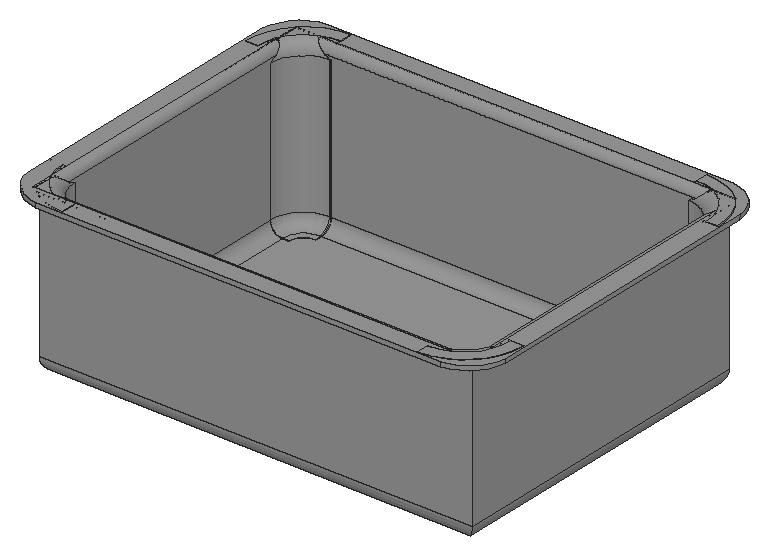
Revit family "ELLIPSE 59x45cm OT2011003", category Generic Models, host Face, Revit 2014
Parameters
  MODELO = "ELLIPSE"
  MARCA = "WASSER"
  EMPRESA = "CHC COMERCIAL HISPANO CHILENA"
  Default Elevation = 1219.2 mm
  DIMENSIONES = "59X45cm"
  CÓDIGO = "OT2011003"
  ACCESORIO = "FREGADERO"
Reference planes
  plane 1 "Center (Front/Back)": y = 0
  plane 2: z = 0
  plane 3 "Center (Left/Right)": x = 0
  plane 4: x = -295
  plane 5: y = 225
  plane 6: x = 295
  plane 7: y = -225
  plane 8: y = 200
  plane 9: x = 270
  plane 10: y = -200
  plane 11: x = -270
  plane 12: z = 145
  plane 13: z = 210
  plane 14: y = 60
  plane 15: y = 45
  plane 16: y = 25.5
  plane 17: through (0, 0, 1219.2) normal (-0.7071, 0.7071, 0)
Forms (mm)
  Sweep 1, solid, material "Stainless Steel AISI 304"
    path origin (0, 0, 0) x (1, 0, 0) y (0, 1, 0)
      loop
        line (-270, 200) -> (-270, -200) -> (270, -200) -> (270, 200) -> (-270, 200)
    profile origin (0, 200, 0) x (0, 1, 0) y (0, 0, 1)
      loop
        arc (0, 200) -> (1.464, 203.536) -> (5, 205) r 5
        line (5, 205) -> (27.5, 205) -> (27.5, 210) -> (4.676, 210)
        arc (4.676, 210) -> (-2.395, 207.071) -> (-5.324, 200) r 10
        line (-5.324, 200) -> (-5.324, 20)
        arc (-5.324, 20) -> (-9.717, 9.393) -> (-20.324, 5) r 15
        line (-20.324, 5) -> (-138.839, 5) -> (-138.839, 0) -> (-20, 0)
        arc (-20, 0) -> (-5.858, 5.858) -> (0, 20) r 20
        line (0, 20) -> (0, 200)
  Extrusion 2, solid, material "Stainless Steel AISI 304"
    sketch origin (0, 0, 0) x (1, 0, 0) y (0, 1, 0)
      loop
        line (-236.161, 68.661) -> (-236.161, -68.661) -> (236.161, -68.661) -> (236.161, 68.661) -> (-236.161, 68.661)
    from 0 to 5
  Extrusion 3, void
    sketch origin (-85, -7.5, 0) x (1, 0, 0) y (0, 1, 0)
      loop
        line (-212.5, 235) -> (-212.5, 190)
        arc (-212.5, 190) -> (-198.084, 220.584) -> (-167.5, 235) r 50
        line (-167.5, 235) -> (-212.5, 235)
    from 205 to 210
  Revolve 4, solid, material "Stainless Steel AISI 304"
    sketch origin (-125.002, 152.749, 0) x (1, 0, 0) y (0, 0, 1)
      loop
        line (-154.676, 210.002) -> (-169.889, 210.002) -> (-169.889, 204.874) -> (-156.911, 204.874)
        arc (-156.911, 204.874) -> (-145.597, 200.187) -> (-140.911, 188.874) r 16
        line (-140.911, 188.874) -> (-140.911, 19.844)
        arc (-140.911, 19.844) -> (-137.195, 8.409) -> (-126.211, 3.518) r 14.781
        line (-126.211, 3.518) -> (-116.211, 3.518) -> (-116.211, 5) -> (-124.676, 5)
        arc (-124.676, 5) -> (-135.283, 9.393) -> (-139.676, 20) r 15
        line (-139.676, 20) -> (-139.676, 195.002)
        arc (-139.676, 195.002) -> (-144.069, 205.608) -> (-154.676, 210.002) r 15
      axis (-97.486, 210.002) -> (-97.486, 3.518)
    angle from -0.645 to 90.299
  Extrusion 5, void
    sketch origin (85, -7.5, 0) x (-1, 0, 0) y (0, -1, 0)
      loop
        line (-212.5, -235) -> (-167.5, -235)
        arc (-167.5, -235) -> (-198.084, -220.584) -> (-212.5, -190) r 50
        line (-212.5, -190) -> (-212.5, -235)
    from 205 to 210
  Revolve 6, solid, material "Stainless Steel AISI 304"
    sketch origin (124.989, 152.532, 0) x (-1, 0, 0) y (0, 0, -1)
      loop
        arc (-154.676, -210.009) -> (-144.069, -205.615) -> (-139.676, -195.009) r 15
        line (-139.676, -195.009) -> (-139.676, -20)
        arc (-139.676, -20) -> (-135.283, -9.393) -> (-124.676, -5) r 15
        line (-124.676, -5) -> (-116.211, -5) -> (-116.211, -3.518) -> (-126.211, -3.518)
        arc (-126.211, -3.518) -> (-137.195, -8.409) -> (-140.911, -19.844) r 14.781
        line (-140.911, -19.844) -> (-140.911, -188.629)
        arc (-140.911, -188.629) -> (-145.597, -199.942) -> (-156.911, -204.629) r 16
        line (-156.911, -204.629) -> (-169.889, -204.629) -> (-169.889, -210.009) -> (-154.676, -210.009)
      axis (-97.486, -210.009) -> (-97.486, -3.518)
    angle from -0.645 to 90.299
  Extrusion 7, void
    sketch origin (85, 7.5, 0) x (-1, 0, 0) y (0, -1, 0)
      loop
        line (-212.5, 235) -> (-212.5, 190)
        arc (-212.5, 190) -> (-198.084, 220.584) -> (-167.5, 235) r 50
        line (-167.5, 235) -> (-212.5, 235)
    from 205 to 210
  Revolve 8, solid, material "Stainless Steel AISI 304"
    sketch origin (124.987, -152.495, 0) x (-1, 0, 0) y (0, 0, 1)
      loop
        line (-154.676, 210.009) -> (-169.889, 210.009) -> (-169.889, 204.731) -> (-156.911, 204.731)
        arc (-156.911, 204.731) -> (-145.597, 200.045) -> (-140.911, 188.731) r 16
        line (-140.911, 188.731) -> (-140.911, 19.844)
        arc (-140.911, 19.844) -> (-137.195, 8.409) -> (-126.211, 3.518) r 14.781
        line (-126.211, 3.518) -> (-116.211, 3.518) -> (-116.211, 5) -> (-124.676, 5)
        arc (-124.676, 5) -> (-135.283, 9.393) -> (-139.676, 20) r 15
        line (-139.676, 20) -> (-139.676, 195.009)
        arc (-139.676, 195.009) -> (-144.069, 205.615) -> (-154.676, 210.009) r 15
      axis (-97.486, 210.009) -> (-97.486, 3.518)
    angle from -0.645 to 90.299
  Extrusion 9, void
    sketch origin (-85, 7.5, 0) x (1, 0, 0) y (0, 1, 0)
      loop
        line (-212.5, -235) -> (-167.5, -235)
        arc (-167.5, -235) -> (-198.084, -220.584) -> (-212.5, -190) r 50
        line (-212.5, -190) -> (-212.5, -235)
    from 205 to 210
  Revolve 10, solid, material "Stainless Steel AISI 304"
    sketch origin (-124.989, -152.482, 0) x (1, 0, 0) y (0, 0, -1)
      loop
        arc (-154.676, -210) -> (-144.069, -205.607) -> (-139.676, -195) r 15
        line (-139.676, -195) -> (-139.676, -20)
        arc (-139.676, -20) -> (-135.283, -9.393) -> (-124.676, -5) r 15
        line (-124.676, -5) -> (-116.211, -5) -> (-116.211, -3.518) -> (-126.211, -3.518)
        arc (-126.211, -3.518) -> (-137.195, -8.409) -> (-140.911, -19.844) r 14.781
        line (-140.911, -19.844) -> (-140.911, -188.891)
        arc (-140.911, -188.891) -> (-145.597, -200.205) -> (-156.911, -204.891) r 16
        line (-156.911, -204.891) -> (-169.889, -204.891) -> (-169.889, -210) -> (-154.676, -210)
      axis (-97.486, -210) -> (-97.486, -3.518)
    angle from -0.645 to 90.299
  Revolve 11, void
    sketch origin (0, 0, 0) x (0, 1, 0) y (0, 0, 1)
      loop
        line (60, 5) -> (0, 5) -> (0, 0) -> (45, 0) -> (45, 2.348)
        arc (45, 2.348) -> (45.324, 3.149) -> (46.114, 3.501) r 1.154
        line (46.114, 3.501) -> (60, 3.986) -> (60, 5)
      axis (0, 5) -> (0, 0)
    angle from 0 to 360
  Revolve 12, solid, material "Stainless Steel AISI 304"
    sketch origin (0, 0, 0) x (0, 1, 0) y (0, 0, 1)
      loop
        arc (45, 2.365) -> (44.734, 1.635) -> (44.061, 1.246) r 1.136
        line (44.061, 1.246) -> (25.5, 1.246) -> (25.5, 0) -> (45, 0) -> (45, 2.365)
      axis (0, 2.365) -> (0, 0)
    angle from 0 to 360
  Revolve 13, solid, material "Stainless Steel AISI 304"
    sketch origin (0, 0, 0) x (0, 1, 0) y (0, 0, 1)
      loop
        line (25.393, 0) -> (25.393, 1.246) -> (0, 1.596) -> (0, 0) -> (25.393, 0)
      axis (0, 1.596) -> (0, 0)
    angle from 0 to 360
  Extrusion 14, void
    sketch origin (0, 0, 0) x (1, 0, 0) y (0, 1, 0)
      loop
        circle (0, 0) r 5
      loop
        line (-4.583, 19.1) -> (-0.746, 9.164)
        arc (-0.746, 9.164) -> (0, 8.653) -> (0.746, 9.164) r 0.799
        line (0.746, 9.164) -> (4.597, 19.135)
        arc (4.597, 19.135) -> (4.549, 19.97) -> (3.888, 20.482) r 1.01
        arc (3.888, 20.482) -> (0.02, 20.937) -> (-3.848, 20.492) r 16.868
        arc (-3.848, 20.492) -> (-4.533, 19.963) -> (-4.583, 19.1) r 1.043
      loop
        arc (-4.583, -19.1) -> (-4.533, -19.963) -> (-3.848, -20.492) r 1.043
        arc (-3.848, -20.492) -> (0.02, -20.937) -> (3.888, -20.482) r 16.868
        arc (3.888, -20.482) -> (4.549, -19.97) -> (4.597, -19.135) r 1.01
        line (4.597, -19.135) -> (0.746, -9.164)
        arc (0.746, -9.164) -> (0, -8.653) -> (-0.746, -9.164) r 0.799
        line (-0.746, -9.164) -> (-4.583, -19.1)
      loop
        line (-19.1, -4.583) -> (-9.164, -0.746)
        arc (-9.164, -0.746) -> (-8.653, 0) -> (-9.164, 0.746) r 0.799
        line (-9.164, 0.746) -> (-19.135, 4.597)
        arc (-19.135, 4.597) -> (-19.97, 4.549) -> (-20.482, 3.888) r 1.01
        arc (-20.482, 3.888) -> (-20.937, 0.02) -> (-20.492, -3.848) r 16.868
        arc (-20.492, -3.848) -> (-19.963, -4.533) -> (-19.1, -4.583) r 1.043
      loop
        arc (19.1, -4.583) -> (19.963, -4.533) -> (20.492, -3.848) r 1.043
        arc (20.492, -3.848) -> (20.937, 0.02) -> (20.482, 3.888) r 16.868
        arc (20.482, 3.888) -> (19.97, 4.549) -> (19.135, 4.597) r 1.01
        line (19.135, 4.597) -> (9.164, 0.746)
        arc (9.164, 0.746) -> (8.653, 0) -> (9.164, -0.746) r 0.799
        line (9.164, -0.746) -> (19.1, -4.583)
      loop
        line (10.265, 16.747) -> (5.953, 7.007)
        arc (5.953, 7.007) -> (6.119, 6.119) -> (7.007, 5.953) r 0.799
        line (7.007, 5.953) -> (16.781, 10.28)
        arc (16.781, 10.28) -> (17.337, 10.905) -> (17.232, 11.734) r 1.01
        arc (17.232, 11.734) -> (14.819, 14.79) -> (11.769, 17.211) r 16.868
        arc (11.769, 17.211) -> (10.911, 17.321) -> (10.265, 16.747) r 1.043
      loop
        arc (-16.747, -10.265) -> (-17.321, -10.911) -> (-17.211, -11.769) r 1.043
        arc (-17.211, -11.769) -> (-14.79, -14.819) -> (-11.734, -17.232) r 16.868
        arc (-11.734, -17.232) -> (-10.905, -17.337) -> (-10.28, -16.781) r 1.01
        line (-10.28, -16.781) -> (-5.953, -7.007)
        arc (-5.953, -7.007) -> (-6.119, -6.119) -> (-7.007, -5.953) r 0.799
        line (-7.007, -5.953) -> (-16.747, -10.265)
      loop
        line (-16.747, 10.265) -> (-7.007, 5.953)
        arc (-7.007, 5.953) -> (-6.119, 6.119) -> (-5.953, 7.007) r 0.799
        line (-5.953, 7.007) -> (-10.28, 16.781)
        arc (-10.28, 16.781) -> (-10.905, 17.337) -> (-11.734, 17.232) r 1.01
        arc (-11.734, 17.232) -> (-14.79, 14.819) -> (-17.211, 11.769) r 16.868
        arc (-17.211, 11.769) -> (-17.321, 10.911) -> (-16.747, 10.265) r 1.043
      loop
        arc (10.265, -16.747) -> (10.911, -17.321) -> (11.769, -17.211) r 1.043
        arc (11.769, -17.211) -> (14.819, -14.79) -> (17.232, -11.734) r 16.868
        arc (17.232, -11.734) -> (17.337, -10.905) -> (16.781, -10.28) r 1.01
        line (16.781, -10.28) -> (7.007, -5.953)
        arc (7.007, -5.953) -> (6.119, -6.119) -> (5.953, -7.007) r 0.799
        line (5.953, -7.007) -> (10.265, -16.747)
    from 0 to 5
Cuts and joins
  Extrusion 3, Extrusion 5, Extrusion 7, Extrusion 9, Revolve 11 cuts Sweep 1
  Revolve 11 cuts Extrusion 2
  joined: Sweep 1, Extrusion 2
  Extrusion 14 cuts Revolve 13
Dimensions and locks
  aligned and locked: plane 2 to host face
  aligned and locked: level to host face
